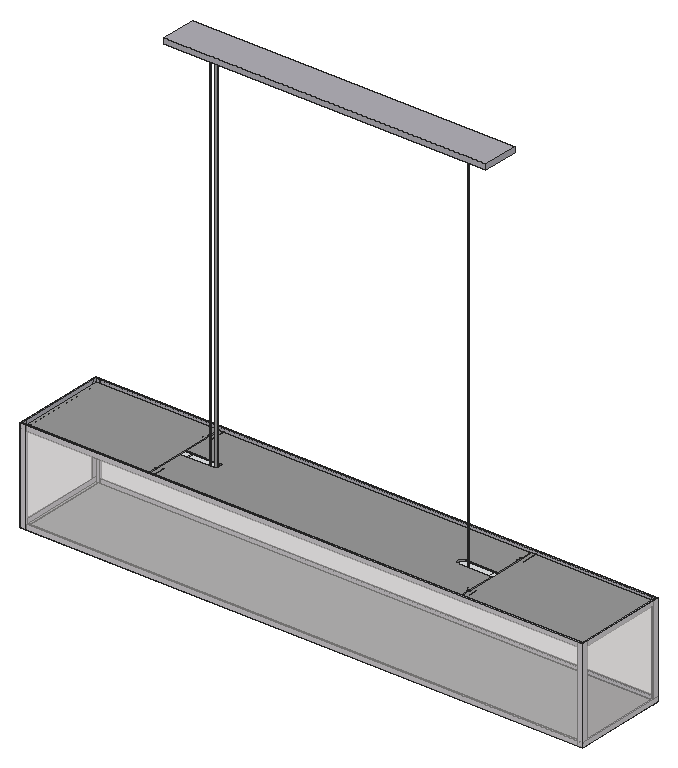
Revit family "Lighting - Lumetta - Pendant - P1272-P1277", category Lighting Fixtures, host Ceiling, Revit 2015
Parameters
  Wattage = 12.1178 W
  built-in parameter 1150110 = 1 (stored number, unit not read)
  URL = ""
  built-in parameter 1114217 = 1 (stored number, unit not read)
  Top Lens-Material [instance] = Acrylic - 2447 - White
  Top Lens [instance] = yes
  built-in parameter 1150109 = 1 (stored number, unit not read)
  built-in parameter 1150134 = (empty or 0)
  Suspension [instance] = 1
  built-in parameter 1150113 = 1 (stored number, unit not read)
  P1272 URL [instance] = "https://lumetta.com/luminaires/streamline-simple-72-pendant/"
  P1277 URL [instance] = "https://lumetta.com/luminaires/streamline-72-pendant/"
  P1272 (Check for wrap - P1277) [instance] = no
  Model = "P1272-P1277"  # constant formula
  Manufacturer = "Lumetta, Inc."  # constant formula
  Lumens = 1800 lm
  built-in parameter 1150115 = 1 (stored number, unit not read)
  built-in parameter 1150105 = 143.24 (stored number, unit not read)
  Light Source Symbol Size = 0' - 1"
  built-in parameter 1150137 = (empty or 0)
  built-in parameter 1150139 = (empty or 0)
  built-in parameter 1150112 = 1 (stored number, unit not read)
  built-in parameter 1150114 = 1 (stored number, unit not read)
  built-in parameter 1150132 = 2
  built-in parameter 1150102 = (empty or 0)
  built-in parameter 1150138 = (empty or 0)
  built-in parameter 1150107 = 3000 (stored number, unit not read)
  built-in parameter 1150106 = 1.4324 (stored number, unit not read)
  Frame Finish [instance] = Paint - Lumetta - F02 - PC_Chrome
  Fixture Drop [instance] = 4' - 0"
  Emit from Line Length = 2' - 10"
  built-in parameter 1150104 = 13.8 (stored number, unit not read)
  Dimming Lamp Color Temperature Shift = (empty or 0)
  Diffuser Material [instance] = Shade - Lumetta - D61 - MT_White
  Description = "Streamline 72'' Pendants"  # constant formula
  Coupling-Stems over 60 inches [instance] = and([2 Stems], Fixture Drop > 5' 0")  # no
  Cord Color [instance] = Cord, Black
  Cone Nut-STD-2-3Wire [instance] = Suspension = 1  # yes
  Color Filter = 16777215
  Bushing-LED-4Wire [instance] = Suspension = 2  # no
  Bottom Lens-Material [instance] = Acrylic - P95 - Etched White
  Bottom Lens [instance] = yes
  built-in parameter 1114218 = 1 (stored number, unit not read)
  built-in parameter 1150133 = 10 (stored number, unit not read)
  2 Stems [instance] = Suspension = 3  # no
  1CRD-2CBL-LED-4Wire [instance] = or(Suspension = 1, Suspension = 2)  # yes
  1 CRD-2CBL-STD [instance] = or(Suspension = 1, Suspension = 2)  # yes
Reference planes (in)
  plane 1 "Light Source Axis (F/B)": y = 0
  plane 2 "Ceiling": z = 96.01773
  plane 3 "Light Source Axis (L/R)": x = 0
  plane 4 "Light Source Elevation": z = 45.39273
  plane 5 "Fixture-Top": z = 48.01773
  plane 6 "Fixture-Height-DIFF-DIFI": z = 36.01773
  plane 7 "Left-Wrap": x = -20
  plane 8 "Right-Wrap": x = 20
  plane 9 "Lamping Start": z = 47.38052
  plane 10 "Left Stem": x = -17.25
  plane 11 "Right Stem": x = 17.25
  plane 12: x = -15.75
  plane 13: x = 15.75
  plane 14 "Right XBar": x = 20
  plane 15 "Left XBar": x = -20
  plane 16 "Left Cable": x = -16.5
  plane 17 "Right Cable": x = 16.5
  plane 18 "Frame Length-Left": x = -36
  plane 19 "Frame Length-Right": x = 36
  plane 20 "Frame Width-TOP": y = 6
  plane 21 "Frame Width-BTM": y = -6
  plane 22 "Outer Frame-Left": x = -42
  plane 23 "Outer Frame-Right": x = 42
  plane 24 "Outer Frame-Top": y = 18
  plane 25 "Outer Frame-BTM": y = -18
  plane 26 "Fixture-Height-DIFO": z = 37.01773
Forms (in)
  Extrusion 1, solid, material "Paint - Lumetta - F02 - PC_Chrome" <- "Frame Finish"
    sketch origin (0, 0, 96.01773) x (1, 0, 0) y (0, 1, 0)
      loop
        line (-20.625, -2.25) -> (20.625, -2.25) -> (20.625, 2.25) -> (-20.625, 2.25) -> (-20.625, -2.25)
    from 0 to -0.75
  Extrusion 2, solid, material "Paint - Lumetta - F02 - PC_Chrome" <- "Frame Finish"
    sketch origin (0, 0, 48.01773) x (0, -1, 0) y (1, 0, 0)
      loop
        line (-6, -36) -> (6, -36) -> (6, 36) -> (-6, 36) -> (-6, -36)
      loop
        line (-5.5, -35.5) -> (5.5, -35.5) -> (5.5, 35.5) -> (-5.5, 35.5) -> (-5.5, -35.5)
    from 0 to -0.63721
  Extrusion 3, void
    sketch origin (0, 0, 48.01773) x (0, -1, 0) y (1, 0, 0)
      loop
        line (-5.875, -35.875) -> (5.875, -35.875) -> (5.875, 35.875) -> (-5.875, 35.875) -> (-5.875, -35.875)
      loop
        line (-5.5, -35.375) -> (5.5, -35.375) -> (5.5, 35.375) -> (-5.5, 35.375) -> (-5.5, -35.375)
    from 0 to -0.51221
  Extrusion 4, solid, material "Paint - Lumetta - F02 - PC_Chrome" <- "Frame Finish"
    sketch origin (0, 0, 36.01773) x (-1, 0, 0) y (0, -1, 0)
      loop
        line (36, -6) -> (36, 6) -> (-36, 6) -> (-36, -6) -> (36, -6)
      loop
        line (35.5, -5.5) -> (35.5, 5.5) -> (-35.5, 5.5) -> (-35.5, -5.5) -> (35.5, -5.5)
    from 0 to 0.61415
  Extrusion 5, void
    sketch origin (0, 0, 36.01773) x (-1, 0, 0) y (0, -1, 0)
      loop
        line (35.875, -5.875) -> (35.875, 5.875) -> (-35.875, 5.875) -> (-35.875, -5.875) -> (35.875, -5.875)
      loop
        line (35.375, -5.5) -> (35.375, 5.5) -> (-35.5, 5.5) -> (-35.5, -5.5) -> (35.375, -5.5)
    from 0.11313 to 0.64163
  Extrusion 6, solid, material "Paint - Lumetta - F02 - PC_Chrome" <- "Frame Finish"
    sketch origin (0, 0, 36.01773) x (0, -1, 0) y (1, 0, 0)
      loop
        line (-6, 36) -> (-6, 35.375) -> (-5.875, 35.375) -> (-5.875, 35.875) -> (-5.375, 35.875) -> (-5.375, 36) -> (-6, 36)
      loop
        line (-6, -36) -> (-5.375, -36) -> (-5.375, -35.875) -> (-5.875, -35.875) -> (-5.875, -35.375) -> (-6, -35.375) -> (-6, -36)
      loop
        line (6, -36) -> (6, -35.375) -> (5.875, -35.375) -> (5.875, -35.875) -> (5.375, -35.875) -> (5.375, -36) -> (6, -36)
      loop
        line (6, 36) -> (5.375, 36) -> (5.375, 35.875) -> (5.875, 35.875) -> (5.875, 35.375) -> (6, 35.375) -> (6, 36)
    from 0 to 12
  Extrusion 7, solid, material "Paint - Lumetta - F02 - PC_Chrome" <- "Frame Finish"
    sketch origin (0, 0, 48.01773) x (0, -1, 0) y (1, 0, 0)
      loop
        line (-3.7499, -20.5) -> (-3.7499, -19.5) -> (-5.9219, -19.5) -> (-5.9219, -20.5) -> (-3.7499, -20.5)
      loop
        line (-3.7499, 20.5) -> (-5.9219, 20.5) -> (-5.9219, 19.5) -> (-3.7499, 19.5) -> (-3.7499, 20.5)
      loop
        circle (-4.2499, -20) r 0.10889
      loop
        circle (-4.2499, 20) r 0.10785
      loop
        line (3.7499, -20.5) -> (5.9219, -20.5) -> (5.9219, -19.5) -> (3.7499, -19.5) -> (3.7499, -20.5)
      loop
        line (3.7499, 20.5) -> (3.7499, 19.5) -> (5.9219, 19.5) -> (5.9219, 20.5) -> (3.7499, 20.5)
      loop
        circle (4.2499, -20) r 0.10889
      loop
        circle (4.2499, 20) r 0.10785
    from -0.4375 to -0.5
  Extrusion 8, solid, material "Paint - Lumetta - F02 - PC_Chrome" <- "Frame Finish"
    sketch origin (0, 0, 96.01773) x (1, 0, 0) y (0, 1, 0)
      loop
        circle (-12, 0) r 0.31122
      loop
        circle (12, 0) r 0.31356
    from -0.8125 to -1.1875
  Extrusion 9, solid, material "Paint - Lumetta - F02 - PC_Chrome" <- "Frame Finish", visible <- "2 Stems"
    sketch origin (18, 0.5, 96.01773) x (1, 0, 0) y (0, 1, 0)
      loop
        line (-38.75, -2.875) -> (2.75, -2.875) -> (2.75, 1.875) -> (-38.75, 1.875) -> (-38.75, -2.875)
    from -0.8125 to -0.75
  Revolve 10, solid, material "Paint - Lumetta - F02 - PC_Chrome" <- "Frame Finish", visible <- "Cone Nut-STD-2-3Wire"
    sketch origin (0, 0, 0) x (1, 0, 0) y (0, 0, 1)
      loop
        line (-15.75, 95.20523) -> (-15.75, 94.70523) -> (-15.46878, 94.70523) -> (-15.37659, 95.20523) -> (-15.75, 95.20523)
      axis (-15.75, 94.70523) -> (-15.75, 95.20523)
    angle from 0 to 360
  Extrusion 11, solid, material "Paint - Lumetta - F11 - PC_White"
    sketch origin (0, 0, 24.01773) x (0, -1, 0) y (1, 0, 0)
      loop
        line (-4.88315, -20.625) -> (4.86685, -20.625) -> (4.86685, -19.375) -> (-4.88315, -19.375) -> (-4.88315, -20.625)
      loop
        line (-4.88315, 19.375) -> (4.86685, 19.375) -> (4.86685, 20.625) -> (-4.88315, 20.625) -> (-4.88315, 19.375)
      loop
        circle (-4.25033, -20) r 0.10889
      loop
        circle (4.25033, -20) r 0.10889
      loop
        circle (4.2499, 20) r 0.10785
      loop
        circle (-4.2499, 20) r 0.10785
    from 23.36279 to 23.24028
  Extrusion 12, solid, material "Paint - Lumetta - F11 - PC_White"
    sketch origin (0, 0, 47.38052) x (-1, 0, 0) y (0, -1, 0)
      loop
        line (34.21, -1.54) -> (34.21, 1.54) -> (-34.21, 1.54) -> (-34.21, -1.54) -> (34.21, -1.54)
    from -0.1225 to -1.375
  Extrusion 13, solid, material "Cord, Black" <- "Cord Color", visible <- "1 CRD-2CBL-STD"
    sketch origin (0, 0, 96.01773) x (1, 0, 0) y (0, 1, 0)
      loop
        circle (-15.75, 0) r 0.1566
    from -0.75 to -48.63721
  Extrusion 14, solid, material "Steel, Galvanized", visible <- "1 CRD-2CBL-STD"
    sketch origin (0, 0, 96.01773) x (1, 0, 0) y (0, 1, 0)
      loop
        circle (-16.5, 0) r 0.03252
      loop
        circle (16.5, 0) r 0.03265
    from -0.75 to -48.63721
  Extrusion 15, solid, material "Paint - Lumetta - F02 - PC_Chrome" <- "Frame Finish", visible <- "2 Stems"
    sketch origin (0, 0, 96.01773) x (1, 0, 0) y (0, 1, 0)
      loop
        circle (-17.25, 0) r 0.25
      loop
        circle (17.25, 0) r 0.25
    from 0 to -48.63721
  Revolve 16, solid, material "Paint - Lumetta - F02 - PC_Chrome" <- "Frame Finish", visible <- "2 Stems"
    sketch origin (0, 0, 0) x (1, 0, 0) y (0, 0, 1)
      loop
        line (-17.25, 95.04898) -> (-16.95148, 95.04898)
        arc (-16.95148, 95.04898) -> (-16.71866, 95.4096) -> (-16.64788, 95.83298) r 1.06037
        line (-16.64788, 95.83298) -> (-17.25, 95.83298) -> (-17.25, 95.04898)
      axis (-17.25, 95.04898) -> (-17.25, 95.83298)
    angle from 0 to 360
  Revolve 17, solid, material "Paint - Lumetta - F02 - PC_Chrome" <- "Frame Finish", visible <- "Coupling-Stems over 60 inches"
    sketch origin (0, 0, 0) x (1, 0, 0) y (0, 0, 1)
      loop
        line (-17.25, 108.01773) -> (-16.95764, 108.01773)
        arc (-16.95764, 108.01773) -> (-16.90786, 108.0585) -> (-16.93801, 108.11534) r 0.05078
        arc (-16.93801, 108.11534) -> (-16.90686, 108.28335) -> (-16.93801, 108.45137) r 0.46875
        arc (-16.93801, 108.45137) -> (-16.90786, 108.50821) -> (-16.95764, 108.54898) r 0.05078
        line (-16.95764, 108.54898) -> (-17.25, 108.54898) -> (-17.25, 108.01773)
      axis (-17.25, 108.54898) -> (-17.25, 108.01773)
    angle from 0 to 360
  Revolve 18, solid, material "Paint - Lumetta - F02 - PC_Chrome" <- "Frame Finish", visible <- "Coupling-Stems over 60 inches"
    sketch origin (0, 0, 0) x (-1, 0, 0) y (0, 0, 1)
      loop
        line (-17.25, 108.01773) -> (-16.9562, 108.01773)
        arc (-16.9562, 108.01773) -> (-16.90642, 108.0585) -> (-16.93657, 108.11534) r 0.05078
        arc (-16.93657, 108.11534) -> (-16.90542, 108.28335) -> (-16.93657, 108.45137) r 0.46875
        arc (-16.93657, 108.45137) -> (-16.90642, 108.50821) -> (-16.9562, 108.54898) r 0.05078
        line (-16.9562, 108.54898) -> (-17.25, 108.54898) -> (-17.25, 108.01773)
      axis (-17.25, 108.54898) -> (-17.25, 108.01773)
    angle from 0 to 360
  Extrusion 19, solid, material "Paint - Lumetta - F02 - PC_Chrome" <- "Frame Finish", visible <- "P1272 (Check for wrap - P1277)"
    sketch origin (-20, 0, 0) x (0, 0, -1) y (0, -1, 0)
      loop
        line (-48.01773, 6.09375) -> (-35.89273, 6.09375) -> (-35.89273, -6.09375) -> (-48.01773, -6.09375) -> (-48.01773, -6.59375) -> (-35.39273, -6.59375) -> (-35.39273, 6.59375) -> (-48.01773, 6.59375) -> (-48.01773, 6.09375)
    from -1 to 1
  Revolve 20, solid, material "Paint - Lumetta - F02 - PC_Chrome" <- "Frame Finish", visible <- "2 Stems"
    sketch origin (0, 0, 0) x (-1, 0, 0) y (0, 0, 1)
      loop
        line (-17.25, 95.04898) -> (-16.95148, 95.04898)
        arc (-16.95148, 95.04898) -> (-16.70187, 95.31397) -> (-16.64788, 95.67398) r 0.60938
        line (-16.64788, 95.67398) -> (-17.25, 95.67398) -> (-17.25, 95.04898)
      axis (-17.25, 95.04898) -> (-17.25, 95.67398)
    angle from 0 to 360
  Extrusion 21, solid, material "Paint - Lumetta - F02 - PC_Chrome" <- "Frame Finish", visible <- "Bushing-LED-4Wire"
    sketch origin (0, 0, 96.01773) x (1, 0, 0) y (0, 1, 0)
      loop
        circle (-15.75, 0) r 0.37341
      loop
        circle (-15.75, 0) r 0.25
    from -0.91406 to -0.8125
  Extrusion 22, solid, material "Paint - Lumetta - F02 - PC_Chrome" <- "Frame Finish", visible <- "P1272 (Check for wrap - P1277)"
    sketch origin (20, 0, 0) x (0, 0, 1) y (0, -1, 0)
      loop
        line (48.01773, 6.09375) -> (48.01773, 6.59375) -> (35.39273, 6.59375) -> (35.39273, -6.59375) -> (48.01773, -6.59375) -> (48.01773, -6.09375) -> (35.89273, -6.09375) -> (35.89273, 6.09375) -> (48.01773, 6.09375)
    from -1 to 1
  Extrusion 23, solid, material "Shade - Lumetta - D61 - MT_White" <- "Diffuser Material"
    sketch origin (0, 0, 48.01773) x (0, -1, 0) y (1, 0, 0)
      loop
        line (-6, -36) -> (6, -36) -> (6, 36) -> (-6, 36) -> (-6, -36)
      loop
        line (6.0625, -36.0625) -> (6.0625, 36.0625) -> (-6.0625, 36.0625) -> (-6.0625, -36.0625) -> (6.0625, -36.0625)
    from -12 to 0
  Extrusion 24, solid, material "Acrylic - 2447 - White" <- "Top Lens-Material", visible <- "Top Lens"
    sketch origin (0, 0, 48.01773) x (0, -1, 0) y (1, 0, 0)
      loop
        line (-5.75, -35.75) -> (5.75, -35.75) -> (5.75, -20.0625) -> (4.42172, -20.0625)
        arc (4.42172, -20.0625) -> (4.25, -20.18274) -> (4.07828, -20.0625) r 0.18274
        line (4.07828, -20.0625) -> (-4.07828, -20.0625)
        arc (-4.07828, -20.0625) -> (-4.25, -20.18274) -> (-4.42172, -20.0625) r 0.18274
        line (-4.42172, -20.0625) -> (-5.75, -20.0625) -> (-5.75, -35.75)
      loop
        line (-5.75, -19.9375) -> (-4.42172, -19.9375)
        arc (-4.42172, -19.9375) -> (-4.25, -19.81726) -> (-4.07828, -19.9375) r 0.18274
        line (-4.07828, -19.9375) -> (-0.5, -19.9375) -> (-0.5, -15.75)
        arc (-0.5, -15.75) -> (0, -15.25) -> (0.5, -15.75) r 0.5
        line (0.5, -15.75) -> (0.5, -19.9375) -> (4.07828, -19.9375)
        arc (4.07828, -19.9375) -> (4.25, -19.81726) -> (4.42172, -19.9375) r 0.18274
        line (4.42172, -19.9375) -> (5.75, -19.9375) -> (5.75, 19.9375) -> (4.42172, 19.9375)
        arc (4.42172, 19.9375) -> (4.25, 19.81726) -> (4.07828, 19.9375) r 0.18274
        line (4.07828, 19.9375) -> (0.5, 19.9375) -> (0.5, 15.75)
        arc (0.5, 15.75) -> (0, 15.25) -> (-0.5, 15.75) r 0.5
        line (-0.5, 15.75) -> (-0.5, 19.9375) -> (-4.07828, 19.9375)
        arc (-4.07828, 19.9375) -> (-4.25, 19.81726) -> (-4.42172, 19.9375) r 0.18274
        line (-4.42172, 19.9375) -> (-5.75, 19.9375) -> (-5.75, -19.9375)
      loop
        line (-5.75, 35.75) -> (-5.75, 20.0625) -> (-4.42172, 20.0625)
        arc (-4.42172, 20.0625) -> (-4.25, 20.18274) -> (-4.07828, 20.0625) r 0.18274
        line (-4.07828, 20.0625) -> (4.07828, 20.0625)
        arc (4.07828, 20.0625) -> (4.25, 20.18274) -> (4.42172, 20.0625) r 0.18274
        line (4.42172, 20.0625) -> (5.75, 20.0625) -> (5.75, 35.75) -> (-5.75, 35.75)
    from -0.51221 to -0.38301
  Extrusion 25, solid, material "Acrylic - P95 - Etched White" <- "Bottom Lens-Material", visible <- "Bottom Lens"
    sketch origin (0, 0, 36.01773) x (-1, 0, 0) y (0, -1, 0)
      loop
        line (35.75, -5.75) -> (35.75, 5.75) -> (-35.75, 5.75) -> (-35.75, -5.75) -> (35.75, -5.75)
    from 0.0625 to 0.1875
Cuts and joins
  Extrusion 3, Extrusion 5 cuts Extrusion 2
  Extrusion 5 cuts Extrusion 4
Dimensions and locks (in)
  equal spacing: host sketch curve, plane 3 "Light Source Axis (L/R)", host sketch curve
  equal spacing: host sketch curve, plane 1 "Light Source Axis (F/B)", host sketch curve
  host sketch curve to host sketch curve = 10' - 0"  (x2)
  locked: plane 5 "Fixture-Top" to plane 4 "Light Source Elevation" at 2.625
  "Fixture Drop": plane 2 "Ceiling" to plane 5 "Fixture-Top"
  plane 5 "Fixture-Top" to plane 6 "Fixture-Height-DIFF-DIFI" = 1' - 0"
  locked: Extrusion 9 to Revolve 10 sketch curve at 0.5
  locked: Extrusion 11 sketch curve to Extrusion 11 sketch curve at 1.25  (x2)
  plane 1 "Light Source Axis (F/B)" to Extrusion 11 sketch curve = 0' - 4.88315"
  Extrusion 11 sketch curve to Extrusion 11 sketch curve = 0' - 9 3/4"
  locked: imposter light to Extrusion 12 sketch curve at 1.54
  locked: plane 1 "Light Source Axis (F/B)" to Extrusion 12 sketch curve at 1.54
  locked: Extrusion 9 to Revolve 16 sketch curve at 0.15625
  Revolve 17 sketch curve to level = 9' - 0.01773"
  locked: Revolve 17 sketch curve to Revolve 17 sketch curve at 0.53125
  locked: Revolve 17 sketch curve to Revolve 17 sketch curve at 0.26563
  locked: Revolve 17 sketch curve to Revolve 17 sketch curve at 0.05078  (x2)
  locked: Revolve 18 sketch curve to Revolve 18 sketch curve at 0.53125
  locked: Revolve 18 sketch curve to Revolve 18 sketch curve at 0.26563
  locked: Revolve 18 sketch curve to Revolve 18 sketch curve at 0.05078  (x2)
  Extrusion 19 sketch curve to Extrusion 19 sketch curve = 0' - 0 1/2"
  locked: Extrusion 19 sketch curve to Extrusion 19 sketch curve at 0.5  (x2)
  locked: Extrusion 21 sketch curve to plane 3 "Light Source Axis (L/R)" at 15.75  (x2)
  locked: Extrusion 22 sketch curve to Extrusion 22 sketch curve at 0.5  (x3)
  Extrusion 19 to plane 1 "Light Source Axis (F/B)" = 0' - 6 3/32"
  plane 1 "Light Source Axis (F/B)" to Extrusion 19 = 0' - 6 3/32"
  locked: Revolve 18 sketch curve to plane 5 "Fixture-Top" at 60
  locked: Revolve 17 sketch curve to plane 5 "Fixture-Top" at 60
  plane 5 "Fixture-Top" to plane 9 "Lamping Start" = 0' - 0.63721"
  locked: plane 9 "Lamping Start" to Extrusion 12 at 1.375
  locked: cut or joined group of Extrusion 2, Extrusion 3, Extrusion 5 to Extrusion 23 sketch curve at 0.0625
  locked: cut or joined group of Extrusion 4, Extrusion 5 to plane 6 "Fixture-Height-DIFF-DIFI" at 0.11313
  locked: cut or joined group of Extrusion 4, Extrusion 5 to plane 6 "Fixture-Height-DIFF-DIFI" at 0.61415
  cut or joined group of Extrusion 2, Extrusion 3, Extrusion 5 to plane 9 "Lamping Start" = 0' - 0 1/8"
  locked: Extrusion 24 to cut or joined group of Extrusion 2, Extrusion 3, Extrusion 5 at 0.1292
  equal spacing: Extrusion 14 sketch curve, plane 3 "Light Source Axis (L/R)", Extrusion 14 sketch curve
  plane 3 "Light Source Axis (L/R)" to Revolve 10 sketch curve = 1' - 3 3/4"
  equal spacing: Extrusion 8 sketch curve, plane 3 "Light Source Axis (L/R)", Extrusion 8 sketch curve
  Extrusion 8 sketch curve to Extrusion 8 sketch curve = 2' - 0"
  equal spacing: Extrusion 24 sketch curve, plane 3 "Light Source Axis (L/R)", Extrusion 24 sketch curve
  locked: Extrusion 13 sketch curve to plane 3 "Light Source Axis (L/R)" at 15.75
  plane 3 "Light Source Axis (L/R)" to Extrusion 15 sketch curve = 1' - 5 1/4"
  plane 3 "Light Source Axis (L/R)" to Revolve 18 sketch curve = 1' - 5 1/4"
  locked: Revolve 16 sketch curve to plane 10 "Left Stem" at 0
  locked: Revolve 16 sketch curve to Revolve 16 sketch curve at 0.45748
  locked: plane 11 "Right Stem" to Revolve 20 sketch curve at 0  (x2)
  locked: Revolve 20 sketch curve to plane 11 "Right Stem" at 0
  locked: Revolve 17 sketch curve to plane 10 "Left Stem" at 0  (x2)
  locked: Revolve 17 sketch curve to plane 10 "Left Stem" at 0.29236  (x2)
  locked: plane 10 "Left Stem" to Revolve 17 sketch curve at 0.12561
  locked: Revolve 18 sketch curve to plane 11 "Right Stem" at 0  (x2)
  locked: plane 11 "Right Stem" to Revolve 18 sketch curve at 0.2938  (x2)
  locked: Revolve 18 sketch curve to plane 11 "Right Stem" at 0.12417
  locked: plane 12 to Revolve 10 sketch curve at 0
  Revolve 10 sketch curve to plane 12 = 0' - 0"
  locked: Revolve 10 sketch curve to plane 12 at 0.37341
  locked: Revolve 10 sketch curve to plane 12 at 0.28122
  locked: plane 3 "Light Source Axis (L/R)" to plane 12 at 15.75
  equal spacing: plane 13, plane 3 "Light Source Axis (L/R)", plane 12
  locked: Extrusion 24 sketch curve to plane 3 "Light Source Axis (L/R)" at 15.75
  locked: plane 9 "Lamping Start" to Extrusion 12 at 0.1225
  equal spacing: plane 15 "Left XBar", plane 3 "Light Source Axis (L/R)", plane 14 "Right XBar"
  locked: plane 15 "Left XBar" to plane 14 "Right XBar" at 40
  equal spacing: plane 16 "Left Cable", plane 3 "Light Source Axis (L/R)", plane 17 "Right Cable"
  locked: plane 16 "Left Cable" to plane 17 "Right Cable" at 33
  locked: Extrusion 14 sketch curve to plane 16 "Left Cable" at 0
  equal spacing: plane 7 "Left-Wrap", plane 3 "Light Source Axis (L/R)", plane 8 "Right-Wrap"
  plane 7 "Left-Wrap" to plane 8 "Right-Wrap" = 3' - 4"
  equal spacing: plane 10 "Left Stem", plane 3 "Light Source Axis (L/R)", plane 11 "Right Stem"
  locked: plane 10 "Left Stem" to plane 11 "Right Stem" at 34.5
  equal spacing: plane 18 "Frame Length-Left", plane 3 "Light Source Axis (L/R)", plane 19 "Frame Length-Right"
  locked: plane 18 "Frame Length-Left" to plane 19 "Frame Length-Right" at 72
  equal spacing: plane 20 "Frame Width-TOP", plane 1 "Light Source Axis (F/B)", plane 21 "Frame Width-BTM"
  locked: plane 20 "Frame Width-TOP" to plane 21 "Frame Width-BTM" at 12
  equal spacing: plane 22 "Outer Frame-Left", plane 3 "Light Source Axis (L/R)", plane 23 "Outer Frame-Right"
  equal spacing: plane 25 "Outer Frame-BTM", plane 1 "Light Source Axis (F/B)", plane 24 "Outer Frame-Top"
  locked: plane 22 "Outer Frame-Left" to plane 23 "Outer Frame-Right" at 84
  locked: plane 24 "Outer Frame-Top" to plane 25 "Outer Frame-BTM" at 36
  locked: Extrusion 6 sketch curve to plane 18 "Frame Length-Left" at 0  (x2)
  locked: Extrusion 6 sketch curve to plane 20 "Frame Width-TOP" at 0  (x2)
  locked: Extrusion 6 sketch curve to plane 21 "Frame Width-BTM" at 0  (x2)
  locked: Extrusion 6 sketch curve to plane 19 "Frame Length-Right" at 0  (x2)
  locked: Extrusion 6 sketch curve to plane 19 "Frame Length-Right" at 0.625  (x2)
  locked: Extrusion 6 sketch curve to plane 20 "Frame Width-TOP" at 0.625
  locked: Extrusion 6 sketch curve to plane 21 "Frame Width-BTM" at 0.625
  locked: plane 18 "Frame Length-Left" to Extrusion 6 sketch curve at 0.625  (x2)
  locked: plane 20 "Frame Width-TOP" to Extrusion 6 sketch curve at 0.625
  locked: plane 21 "Frame Width-BTM" to Extrusion 6 sketch curve at 0.625
  Extrusion 23 to plane 19 "Frame Length-Right" = 0' - 0"
  locked: plane 19 "Frame Length-Right" to Extrusion 2 sketch curve
  locked: Extrusion 2 sketch curve to plane 20 "Frame Width-TOP" at 0
  locked: Extrusion 2 sketch curve to plane 21 "Frame Width-BTM" at 0
  locked: plane 18 "Frame Length-Left" to Extrusion 5 sketch curve at 0.125
  locked: Extrusion 5 sketch curve to Extrusion 5 sketch curve at 0.5
  locked: Extrusion 5 sketch curve to plane 19 "Frame Length-Right" at 0.125
  locked: Extrusion 5 sketch curve to plane 19 "Frame Length-Right" at 0.5
  locked: plane 18 "Frame Length-Left" to Extrusion 2 sketch curve
  locked: Extrusion 2 sketch curve to Extrusion 2 sketch curve at 0.5
  locked: plane 18 "Frame Length-Left" to Extrusion 3 sketch curve at 0.125
  locked: Extrusion 3 sketch curve to Extrusion 3 sketch curve at 0.5  (x2)
  locked: Extrusion 3 sketch curve to plane 19 "Frame Length-Right" at 0.125
  locked: plane 18 "Frame Length-Left" to Extrusion 4 sketch curve
  locked: Extrusion 4 sketch curve to Extrusion 4 sketch curve at 0.5  (x2)
  locked: Extrusion 4 sketch curve to plane 19 "Frame Length-Right"
  locked: Extrusion 25 sketch curve to plane 19 "Frame Length-Right" at 0.25
  locked: Extrusion 25 sketch curve to plane 20 "Frame Width-TOP" at 0.25
  locked: Extrusion 25 sketch curve to plane 21 "Frame Width-BTM" at 0.25
  locked: plane 18 "Frame Length-Left" to Extrusion 25 sketch curve at 0.25
  locked: Extrusion 23 sketch curve to cut or joined group of Extrusion 2, Extrusion 3, Extrusion 5 at 0.0625  (x3)
  locked: plane 18 "Frame Length-Left" to Extrusion 24 sketch curve at 0.25
  locked: Extrusion 24 sketch curve to plane 20 "Frame Width-TOP" at 0.25  (x2)
  locked: Extrusion 24 sketch curve to plane 21 "Frame Width-BTM" at 0.25  (x2)
  locked: plane 20 "Frame Width-TOP" to Extrusion 24 sketch curve at 0.25
  locked: plane 21 "Frame Width-BTM" to Extrusion 24 sketch curve at 0.25
  locked: Extrusion 24 sketch curve to plane 19 "Frame Length-Right" at 0.25
  locked: Extrusion 19 sketch curve to plane 20 "Frame Width-TOP" at 0.09375
  locked: plane 21 "Frame Width-BTM" to Extrusion 19 sketch curve at 0.09375
  locked: plane 6 "Fixture-Height-DIFF-DIFI" to Extrusion 19 sketch curve at 0.125
  locked: Extrusion 22 sketch curve to plane 20 "Frame Width-TOP" at 0.09375
  locked: plane 21 "Frame Width-BTM" to Extrusion 22 sketch curve at 0.09375
  locked: plane 6 "Fixture-Height-DIFF-DIFI" to Extrusion 22 sketch curve at 0.125
  equal spacing: Extrusion 9 sketch curve, plane 1 "Light Source Axis (F/B)", Extrusion 9 sketch curve
  equal spacing: Extrusion 9 sketch curve, plane 3 "Light Source Axis (L/R)", Extrusion 9 sketch curve
  locked: Extrusion 9 sketch curve to Extrusion 9 sketch curve at 41.5
  locked: Extrusion 9 sketch curve to Extrusion 9 sketch curve at 4.75
  locked: Extrusion 9 to Extrusion 1 sketch curve at 0.125  (x3)
  locked: Extrusion 1 sketch curve to Extrusion 9 at 0.125
  locked: Extrusion 7 sketch curve to Extrusion 7 sketch curve at 2.172  (x4)
  locked: Extrusion 7 sketch curve to Extrusion 7 sketch curve at 0.5  (x4)
  locked: Extrusion 7 sketch curve to plane 15 "Left XBar" at 0  (x2)
  locked: Extrusion 7 sketch curve to plane 14 "Right XBar" at 0  (x2)
  equal spacing: Extrusion 7 sketch curve, plane 15 "Left XBar", Extrusion 7 sketch curve  (x2)
  equal spacing: Extrusion 7 sketch curve, plane 14 "Right XBar", Extrusion 7 sketch curve  (x2)
  locked: Extrusion 7 sketch curve to plane 15 "Left XBar" at 0.5  (x2)
  locked: plane 14 "Right XBar" to Extrusion 7 sketch curve at 0.5  (x2)
  locked: Extrusion 7 sketch curve to plane 20 "Frame Width-TOP" at 0.0781
  locked: plane 21 "Frame Width-BTM" to Extrusion 7 sketch curve at 0.0781
  locked: Extrusion 7 sketch curve to plane 21 "Frame Width-BTM" at 0.0781
  locked: plane 20 "Frame Width-TOP" to Extrusion 7 sketch curve at 0.0781
  locked: Extrusion 11 sketch curve to plane 20 "Frame Width-TOP" at 1.11685  (x2)
  locked: Extrusion 11 sketch curve to plane 21 "Frame Width-BTM" at 1.13315  (x2)
  Extrusion 11 sketch curve to Extrusion 11 sketch curve = 0' - 0.61695"
  locked: Extrusion 11 sketch curve to plane 15 "Left XBar" at 0  (x2)
  locked: Extrusion 11 sketch curve to plane 14 "Right XBar" at 0
  locked: Extrusion 23 to plane 6 "Fixture-Height-DIFF-DIFI" at 0
  locked: Extrusion 6 to plane 6 "Fixture-Height-DIFF-DIFI" at 0
  locked: Extrusion 15 sketch curve to plane 10 "Left Stem"
  locked: plane 11 "Right Stem" to Extrusion 15 sketch curve
  Extrusion 24 sketch curve to Extrusion 24 sketch curve = 0' - 8 1/2"  (x4)
  equal spacing: Extrusion 24 sketch curve, plane 1 "Light Source Axis (F/B)", Extrusion 24 sketch curve  (x3)
  equal spacing: Extrusion 24 sketch curve, imposter light, Extrusion 24 sketch curve
  equal spacing: Extrusion 11 sketch curve, plane 1 "Light Source Axis (F/B)", Extrusion 11 sketch curve
  locked: Extrusion 11 sketch curve to Extrusion 11 sketch curve at 0.63325
  equal spacing: Extrusion 11 sketch curve, imposter light, Extrusion 11 sketch curve
  locked: Extrusion 11 sketch curve to Extrusion 11 sketch curve at 0.63281
  equal spacing: Extrusion 11 sketch curve, plane 14 "Right XBar", Extrusion 11 sketch curve
  equal spacing: Extrusion 11 sketch curve, plane 15 "Left XBar", Extrusion 11 sketch curve
  locked: Extrusion 12 sketch curve to plane 15 "Left XBar" at 14.21
  locked: plane 14 "Right XBar" to Extrusion 12 sketch curve at 14.21
  aligned and locked: plane 3 "Light Source Axis (L/R)" to imposter light
  aligned and locked: plane 1 "Light Source Axis (F/B)" to imposter light
  aligned and locked: plane 4 "Light Source Elevation" to imposter light
  aligned and locked: Extrusion 13 to Extrusion 1
  aligned and locked: plane 2 "Ceiling" to Extrusion 15
  aligned and locked: Extrusion 19 sketch curve to plane 5 "Fixture-Top"
  aligned and locked: Extrusion 22 sketch curve to plane 5 "Fixture-Top"  (x2)
  aligned and locked: Extrusion 13 to plane 9 "Lamping Start"
  aligned and locked: Extrusion 14 to plane 9 "Lamping Start"
  aligned and locked: cut or joined group of Extrusion 2, Extrusion 3, Extrusion 5 to Extrusion 19
  aligned and locked: Extrusion 15 to Extrusion 13
  aligned and locked: Extrusion 4 to plane 6 "Fixture-Height-DIFF-DIFI"
  aligned and locked: cut or joined group of Extrusion 2, Extrusion 3, Extrusion 5 to Extrusion 5 sketch curve  (x2)
  aligned and locked: cut or joined group of Extrusion 2, Extrusion 3, Extrusion 5 to Extrusion 24
  aligned and locked: Extrusion 2 to plane 9 "Lamping Start"
  aligned and locked: Extrusion 11 to Extrusion 12
  aligned and locked: Extrusion 11 to cut or joined group of Extrusion 2, Extrusion 3, Extrusion 5
  aligned and locked: plane 18 "Frame Length-Left" to Extrusion 23 sketch curve
  aligned and locked: Extrusion 23 sketch curve to plane 20 "Frame Width-TOP"
  aligned and locked: Extrusion 23 sketch curve to plane 19 "Frame Length-Right"
  aligned and locked: Extrusion 23 sketch curve to plane 21 "Frame Width-BTM"
  aligned and locked: Extrusion 6 to plane 5 "Fixture-Top"
Automatic sketch dimensions
  plane 1 "Light Source Axis (F/B)" to Extrusion 13 sketch curve = 0' - 0"
  plane 1 "Light Source Axis (F/B)" to Extrusion 14 sketch curve = 0' - 0"  (x2)
  plane 1 "Light Source Axis (F/B)" to Extrusion 15 sketch curve = 0' - 0"  (x2)
  Revolve 17 sketch curve to Revolve 17 sketch curve = 0' - 0.01964"
  plane 2 "Ceiling" to Revolve 17 sketch curve = 0' - 4 17/32"
  Revolve 17 sketch curve to Revolve 17 sketch curve = 0' - 0"
  Revolve 18 sketch curve to Revolve 18 sketch curve = 0' - 0.01964"
  Revolve 18 sketch curve to plane 2 "Ceiling" = 0' - 4 17/32"
  Revolve 18 sketch curve to Revolve 18 sketch curve = 0' - 0"
  plane 5 "Fixture-Top" to Extrusion 19 sketch curve = 0' - 0"
  plane 2 "Ceiling" to Revolve 20 sketch curve = 0' - 0 31/32"
  plane 2 "Ceiling" to Revolve 20 sketch curve = 0' - 0 7/16"
  Revolve 20 sketch curve to plane 2 "Ceiling" = 0' - 0.53351"
  Revolve 20 sketch curve to Revolve 20 sketch curve = 0' - 2.40399"
  Extrusion 21 sketch curve to Extrusion 21 sketch curve = 0' - 0"
  plane 1 "Light Source Axis (F/B)" to Extrusion 21 sketch curve = 0' - 0"
  Revolve 16 sketch curve to plane 2 "Ceiling" = 0' - 0.18475"
  Revolve 16 sketch curve to Revolve 16 sketch curve = 1' - 1 19/32"
  plane 2 "Ceiling" to Revolve 16 sketch curve = 0' - 2 15/16"
  Revolve 16 sketch curve to plane 10 "Left Stem" = 0' - 0"
  Revolve 16 sketch curve to Revolve 16 sketch curve = 0' - 0.29852"
  Revolve 16 sketch curve to Revolve 16 sketch curve = 0' - 0.60212"
  Revolve 20 sketch curve to Revolve 20 sketch curve = 0' - 0.60212"
  Revolve 20 sketch curve to Revolve 20 sketch curve = 0' - 0.29852"
  Revolve 10 sketch curve to Revolve 10 sketch curve = 0' - 0"
  plane 2 "Ceiling" to Revolve 10 sketch curve = 0' - 2 11/16"
  Extrusion 6 sketch curve to plane 20 "Frame Width-TOP" = 0' - 0 1/8"  (x2)
  plane 21 "Frame Width-BTM" to Extrusion 6 sketch curve = 0' - 0 1/8"  (x2)
  plane 18 "Frame Length-Left" to Extrusion 6 sketch curve = 0' - 0 1/8"  (x2)
  Extrusion 6 sketch curve to plane 19 "Frame Length-Right" = 0' - 0 1/8"
  Extrusion 6 sketch curve to Extrusion 6 sketch curve = 0' - 0 1/8"
  Extrusion 5 sketch curve to plane 20 "Frame Width-TOP" = 0' - 0 1/8"
  plane 21 "Frame Width-BTM" to Extrusion 5 sketch curve = 0' - 0 1/8"
  Extrusion 2 sketch curve to plane 20 "Frame Width-TOP" = 0' - 0 1/2"
  plane 21 "Frame Width-BTM" to Extrusion 2 sketch curve = 0' - 0 1/2"
  Extrusion 2 sketch curve to plane 19 "Frame Length-Right" = 0' - 0 1/2"
  Extrusion 3 sketch curve to plane 20 "Frame Width-TOP" = 0' - 0 1/8"
  Extrusion 3 sketch curve to plane 20 "Frame Width-TOP" = 0' - 0 1/2"
  plane 21 "Frame Width-BTM" to Extrusion 3 sketch curve = 0' - 0 1/2"
  plane 21 "Frame Width-BTM" to Extrusion 3 sketch curve = 0' - 0 1/8"
  Extrusion 4 sketch curve to plane 20 "Frame Width-TOP" = 0' - 0"
  Extrusion 4 sketch curve to plane 21 "Frame Width-BTM" = 0' - 0"
  Extrusion 4 sketch curve to plane 20 "Frame Width-TOP" = 0' - 0 1/2"
  plane 21 "Frame Width-BTM" to Extrusion 4 sketch curve = 0' - 0 1/2"
  Extrusion 24 sketch curve to Extrusion 24 sketch curve = 0' - 0"  (x9)
  Extrusion 24 sketch curve to plane 15 "Left XBar" = 0' - 0"  (x2)
  Extrusion 24 sketch curve to plane 14 "Right XBar" = 0' - 0"  (x2)
  plane 1 "Light Source Axis (F/B)" to Extrusion 24 sketch curve = 0' - 0"  (x2)
  Extrusion 24 sketch curve to plane 14 "Right XBar" = 0' - 0 1/16"  (x4)
  Extrusion 24 sketch curve to plane 1 "Light Source Axis (F/B)" = 0' - 0 1/2"  (x2)
  plane 15 "Left XBar" to Extrusion 24 sketch curve = 0' - 0 1/16"  (x4)
  Extrusion 24 sketch curve to plane 15 "Left XBar" = 0' - 0 1/16"  (x3)
  Extrusion 24 sketch curve to Extrusion 24 sketch curve = 0' - 0.17172"  (x4)
  plane 14 "Right XBar" to Extrusion 24 sketch curve = 0' - 0 1/16"  (x2)
  Revolve 10 sketch curve to Revolve 10 sketch curve = 0' - 0 1/2"
  Extrusion 11 sketch curve to plane 8 "Right-Wrap" = 0' - 0"
  plane 1 "Light Source Axis (F/B)" to Extrusion 8 sketch curve = 0' - 0"  (x2)
  radius of Extrusion 7 sketch curve = 0' - 0.10889"  (x2)
  radius of Extrusion 7 sketch curve = 0' - 0.10785"  (x2)
  radius of Extrusion 13 sketch curve = 0' - 0.1566"
  radius of Extrusion 14 sketch curve = 0' - 0.03252"
  radius of Extrusion 14 sketch curve = 0' - 0.03265"
  radius of Extrusion 15 sketch curve = 0' - 0 1/4"  (x2)
  radius of Extrusion 21 sketch curve = 0' - 0.37341"
  radius of Extrusion 21 sketch curve = 0' - 0 1/4"
  radius of Extrusion 11 sketch curve = 0' - 0.10889"  (x2)
  radius of Extrusion 11 sketch curve = 0' - 0.10785"  (x2)
  radius of Extrusion 8 sketch curve = 0' - 0.31122"
  radius of Extrusion 8 sketch curve = 0' - 0.31356"
